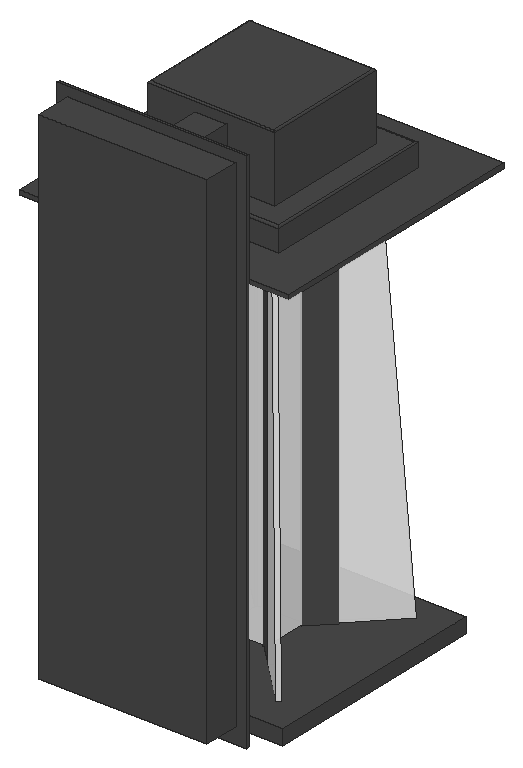
Revit family "3-759-xx - Arte Wall Sconce", category Lighting Fixtures, host Wall, Revit 2019
Family settings
  Host = Wall
  Round Connector Dimension = Use Diameter
  Part Type = Normal
  OmniClass Number = 23.80.70.00
  OmniClass Title = Lighting
  Always vertical = Yes
  Cut with Voids When Loaded = No
  Light Source = Yes
  Shared = No
  Room Calculation Point = No
Parameters (values of type "3-759-15 / Black - Clear Bubble Glass")
  Wattage Comments = "1 x 8.0 W at 120 V"  # constant formula
  Wattage = 8.07 W
  built-in parameter 1150110 = 1 (stored number, unit not read)
  Voltage Input = "120 V or 277 V - 50/60 Hz"  # constant formula
  Voltage = 120 V
  URL = "www.oxygenlighting.com"
  built-in parameter 1114217 = 1 (stored number, unit not read)
  built-in parameter 1150109 = 1 (stored number, unit not read)
  built-in parameter 1150134 = (empty or 0)
  built-in parameter 1150113 = 1 (stored number, unit not read)
  References = "Ref. 3 = 120 V / Ref. 37 = 277 V"  # constant formula
  Model = "3-759-xx / Arte Wall Sconce"  # constant formula
  Metal Finish = 15 - Black
  Manufacturer = "Oxygen Lighting and Fans"  # constant formula
  Lumens = 113.787 lm
  built-in parameter 1150115 = 1 (stored number, unit not read)
  built-in parameter 1150105 = 9.0549 (stored number, unit not read)
  Light Source Symbol Size = 609.6 mm
  built-in parameter 1150137 = (empty or 0)
  built-in parameter 1150139 = (empty or 0)
  built-in parameter 1150112 = 1 (stored number, unit not read)
  built-in parameter 1150114 = 1 (stored number, unit not read)
  Lamp = "LED Array"  # constant formula
  built-in parameter 1150132 = (empty or 0)
  built-in parameter 1150102 = (empty or 0)
  built-in parameter 1150138 = (empty or 0)
  built-in parameter 1150107 = 3000 (stored number, unit not read)
  built-in parameter 1150106 = 0.090549 (stored number, unit not read)
  built-in parameter 1150104 = 1.3099 (stored number, unit not read)
  Dimming Lamp Color Temperature Shift = <None>
  Diffusers = Clear Bubble Glass
  Color Filter = 16777215
  built-in parameter 1114218 = 1 (stored number, unit not read)
  built-in parameter 1150133 = 10 (stored number, unit not read)
Reference planes
  plane 1: y = 0
  plane 2 "Light Source Axis (L/R)": x = 125
  plane 3 "Light Source Axis (F/R)": y = 183.75
  plane 4 "Light Source Elevation": z = 1240
  plane 5: y = 75
Text (mm)
  text "Placement side" at (-1787.139, 1116.779, 0), in view "Ref. Level"
  text "Placement side" at (0, 2110.396, 2986.058), in view "Left"
  text "Placement side" at (0, 628.478, 3011.967), in view "Right"
Dimensions and locks
  aligned and locked: plane 1 to host wall
  aligned and locked: plane 2 "Light Source Axis (L/R)" to imposter light
  aligned and locked: plane 3 "Light Source Axis (F/R)" to imposter light
  aligned and locked: plane 4 "Light Source Elevation" to imposter light
  aligned and locked: plane 5 to host wall
  aligned and locked: plane 5 to nested 1
  aligned and locked: nested 1 to plane 2 "Light Source Axis (L/R)"
  aligned and locked: nested 1 to plane 4 "Light Source Elevation"
Nested families
  nested 1: "Family1" at (125, 75, 987.743) x (-1, 0, 0) z (0, 0, 1), type "Family1"
Connectors
  electrical at (125, 75, 1147.751), driven by "Voltage"
    settings: on nested 1, index 1, voltage 120 V, apparent load 0 VA, apparent load phase1 0 VA, apparent load phase2 0 VA, apparent load phase3 0 VA, power factor 1, load classification "Other", number of poles 1, system type 31, power factor state 1, is connector primary yes, connector utility no, sub classification motor no, connector description ""
Definition of nested family "Family1"
  Parameters (values of type "Family1")
    Metal Finish = none
    Diffusers = none
  Reference planes
    plane 1 "Center (Front/Back)": y = 0
    plane 2: z = 0
    plane 3 "Center (Left/Right)": x = 0
    plane 4: y = -49.142
  Forms (mm)
    Extrusion 1, solid, material <- "Metal Finish"
      sketch origin (0, 0, 0) x (1, 0, 0) y (0, 0, 1)
        loop
          line (-40, 312.757) -> (-40, 270.257) -> (40, 270.257) -> (40, 312.757) -> (-40, 312.757)
      from 70 to 150
    Sweep 2, void
      path in 3D
        loop
          line (-40, -70, 312.757) -> (40, -70, 312.757) -> (40, -150, 312.757) -> (-40, -150, 312.757) -> (-40, -70, 312.757)
      profile origin (-40, -110, 312.757) x (-1, 0, 0) y (0, 0, 1)
        loop
          line (0, -1) -> (0, 0) -> (-1, 0)
          arc (-1, 0) -> (-0.293, -0.293) -> (0, -1) r 1
    Extrusion 3, solid, material <- "Metal Finish"
      sketch origin (0, 0, 0) x (1, 0, 0) y (0, 0, 1)
        loop
          line (-55, 255.257) -> (55, 255.257) -> (55, 270.257) -> (-55, 270.257) -> (-55, 255.257)
      from 55 to 165
    Sweep 4, void
      path in 3D
        loop
          line (-55, -55, 270.257) -> (55, -55, 270.257) -> (55, -165, 270.257) -> (-55, -165, 270.257) -> (-55, -55, 270.257)
      profile origin (-55, -110, 270.257) x (-1, 0, 0) y (0, 0, 1)
        loop
          line (0, -1) -> (0, 0) -> (-1, 0)
          arc (-1, 0) -> (-0.293, -0.293) -> (0, -1) r 1
    Extrusion 5, solid, material <- "Metal Finish"
      sketch origin (0, 0, 0) x (1, 0, 0) y (0, 0, 1)
        loop
          line (-85, 255.257) -> (-85, 252.257) -> (85, 252.257) -> (85, 255.257) -> (-85, 255.257)
      from 25 to 195
    Extrusion 6, solid, material <- "Metal Finish"
      sketch origin (0, 0, 0) x (1, 0, 0) y (0, 0, 1)
        loop
          line (-72.5, -10) -> (72.5, -10) -> (72.5, 0) -> (-72.5, 0) -> (-72.5, -10)
      from 35.722 to 180.722
    Extrusion 7, solid, material <- "Metal Finish"
      sketch origin (0, 0, 0) x (1, 0, 0) y (0, 0, 1)
        loop
          line (-17.5, -10) -> (-17.5, -19.743) -> (17.5, -19.743) -> (17.5, -10) -> (-17.5, -10)
      from 92.5 to 127.5
    Extrusion 8, solid, material <- "Metal Finish"
      sketch origin (0, 0, 0) x (0, 1, 0) y (0, 0, 1)
        loop
          line (-23, 326.015) -> (-25, 326.015) -> (-25, -10) -> (-23, -10) -> (-23, 326.015)
      from -60 to 60
    Extrusion 9, solid, material <- "Metal Finish"
      sketch origin (0, 0, 0) x (1, 0, 0) y (0, 1, 0)
        loop
          line (-53, 0) -> (-53, -23) -> (53, -23) -> (53, 0) -> (-53, 0)
      from 0 to 320.015
    Extrusion 10, solid, material <- "Metal Finish"
      sketch origin (0, 0, 0) x (0, 1, 0) y (0, 0, 1)
        loop
          line (-25, 285.986) -> (-25, 305.986) -> (-70, 305.986) -> (-70, 285.986) -> (-25, 285.986)
      from -10 to 10
    Extrusion 11, solid, material <- "Diffusers"
      sketch origin (66.705, -176.746, 0) x (0.707107, -0.707107, 0) y (0, 0, 1)
        loop
          line (-132.77, 0) -> (-132.77, 252.257) -> (-153.641, 252.257) -> (-171.145, 0) -> (-132.77, 0)
      from -1.5 to 1.5
    Extrusion 12, solid, material <- "Diffusers"
      sketch origin (0, 0.098, 0) x (0, 1, 0) y (0, 0, 1)
        loop
          line (-95.155, 0) -> (-95.155, 252.257) -> (-125.05, 252.257) -> (-125.05, 0) -> (-95.155, 0)
      from -15.05 to 14.943
    Extrusion 13, solid, material <- "Metal Finish"
      sketch origin (0, 0, 0) x (1, 0, 0) y (0, 1, 0)
        loop
          line (-28.238, -83.924) -> (-15.05, -97.112) -> (-15.05, -95.057) -> (-12.863, -95.057) -> (-26.117, -81.803) -> (-28.238, -83.924)
      from 0 to 252.257
    Extrusion 14, solid, material <- "Diffusers"
      sketch origin (-66.746, -176.705, 0) x (-0.707107, -0.707107, 0) y (0, 0, 1)
        loop
          line (-132.77, 0) -> (-132.77, 252.257) -> (-153.641, 252.257) -> (-171.145, 0) -> (-132.77, 0)
      from -1.5 to 1.5
    Extrusion 15, solid, material <- "Metal Finish"
      sketch origin (110, -110, 0) x (0, -1, 0) y (1, 0, 0)
        loop
          line (-28.238, -83.924) -> (-14.943, -97.22) -> (-14.943, -95.057) -> (-12.863, -95.057) -> (-26.117, -81.803) -> (-28.238, -83.924)
      from 0 to 252.257
    Extrusion 16, solid, material <- "Diffusers"
      sketch origin (-66.705, -43.254, 0) x (-0.707107, 0.707107, 0) y (0, 0, 1)
        loop
          line (-132.77, 0) -> (-132.77, 252.257) -> (-153.641, 252.257) -> (-171.145, 0) -> (-132.77, 0)
      from -1.5 to 1.5
    Extrusion 17, solid, material <- "Metal Finish"
      sketch origin (0, -220, 0) x (-1, 0, 0) y (0, -1, 0)
        loop
          line (-28.238, -83.924) -> (-14.943, -97.22) -> (-14.943, -95.048) -> (-12.872, -95.048) -> (-26.117, -81.803) -> (-28.238, -83.924)
      from 0 to 252.257
    Extrusion 18, solid, material <- "Diffusers"
      sketch origin (66.746, -43.295, 0) x (0.707107, 0.707107, 0) y (0, 0, 1)
        loop
          line (-132.77, 0) -> (-132.77, 252.257) -> (-153.641, 252.257) -> (-171.145, 0) -> (-132.77, 0)
      from -1.5 to 1.5
    Extrusion 19, solid, material <- "Metal Finish"
      sketch origin (-110, -110, 0) x (0, 1, 0) y (-1, 0, 0)
        loop
          line (-28.238, -83.924) -> (-14.952, -97.211) -> (-14.952, -94.95) -> (-12.97, -94.95) -> (-26.117, -81.803) -> (-28.238, -83.924)
      from 0 to 252.257
  Cuts and joins
    Sweep 2, Sweep 4 cuts Extrusion 1
    Sweep 4 cuts Extrusion 3
  Lines and regions (mm)
    sketch lines
      curve 1: line (-40, -150, 312.757) -> (-40, -70, 312.757)
      curve 2: line (40, -150, 312.757) -> (-40, -150, 312.757)
      curve 3: line (40, -150, 312.757) -> (40, -70, 312.757)
      curve 4: line (-40, -70, 312.757) -> (40, -70, 312.757)
      curve 5: line (-55, -165, 270.257) -> (-55, -55, 270.257)
      curve 6: line (55, -165, 270.257) -> (-55, -165, 270.257)
      curve 7: line (55, -165, 270.257) -> (55, -55, 270.257)
      curve 8: line (-55, -55, 270.257) -> (55, -55, 270.257)
  Dimensions and locks
    aligned and locked: level to plane 2
